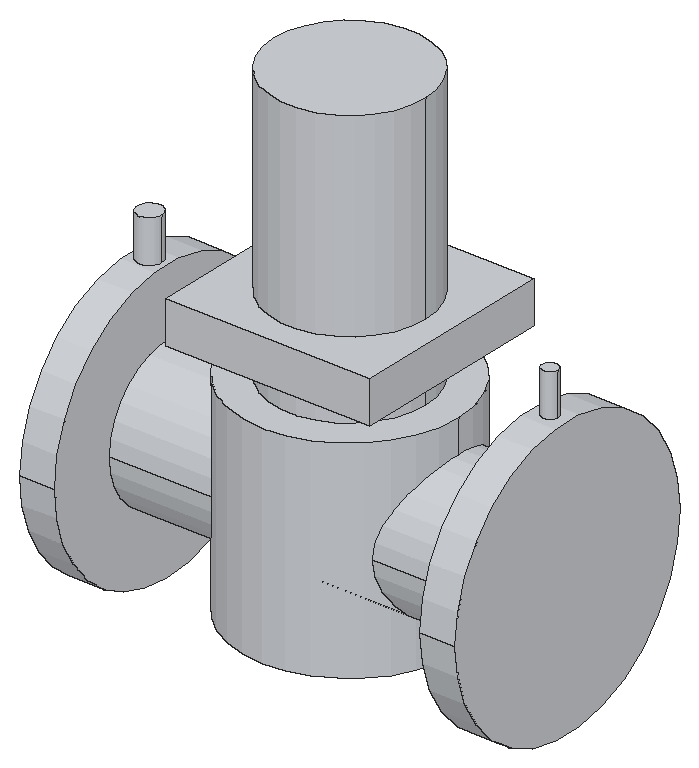
Revit family "PV_Compact_PN25_DN080_(50-200kPa)_RFA_2019", category Pipe Accessories, Revit 2019
Family settings
  Round Connector Dimension = Use Diameter
  Part Type = Valve - Breaks Into
  Work Plane-Based = No
  Always vertical = Yes
  Cut with Voids When Loaded = No
  Shared = No
Parameters (values of type "PV Compact PN25 DN080 (50-200kPa)")
  magiProductId = "aa373f4712fe4f789034ae13a1f456"
  magiProductFamilyId = "1af2f5f7761a4c5f850eea414834fa"
  magiPartTypeId = 304
  isMeasuringValve [instance] = no
  ang2D [instance] = 0.00°
  W2D = 50 mm
  VersionID = "2.0/2018.12.13.2/FRESE_PV_COMPACT_BIG_Q13_001"
  Use Minimum Symbol Size [instance] = no
  URL = "www.hydronic.cz"
  Type Comments = "PŘÍRUBOVÝ; PN25; dpmax=1000kPa; -10~+120°C"
  R4 = 54.25 mm
  R3 = 52 mm
  R1 = 77.5 mm
  QmdConnectorList = "301;D;302;D"
  Productdata [instance] = ""
  Manufacturer = "Hydronic Systems Prague s.r.o."
  Maintenance Zone Under Depth [instance] = 100 mm
  Maintenance Zone Right Depth [instance] = 100 mm
  Maintenance Zone Over Depth [instance] = 100 mm
  Maintenance Zone Left Depth [instance] = 100 mm
  Maintenance Zone Front Depth [instance] = 100 mm
  Maintenance Zone Back Depth [instance] = 100 mm
  Maintenance Zone Front Visibility [instance] = no
  MC Use Limits From Balancing Method = no
  MC Throttling Minimum Value = 0
  MC Throttling Maximum Value = 0
  MC Product Code = "53-3327 DN080 PN25; nastavitelný rozsah dp=20~100kPa; Q=11,7~47,4 m3/h;  kvs=67"
  MC Pressure Drop Minimum Value = 0.0 Pa
  MC Pressure Drop Maximum Value = 0.0 Pa
  MC Piping Given Pressure Drop [instance] = 0.0 Pa
  LF__ve = -LF  # -24.8 mm
  LF2 = 12.4 mm
  LF = 24.8 mm
  L4 = 145.7 mm
  L3 = 260.4 mm
  L2D_Min = 30.48 mm
  L2D = 230 mm
  L2 = 155 mm
  H6 = 141 mm
  H4 = 30 mm
  H3 = 25 mm
  H2 = 75 mm
  H1 = 150 mm
  Description = "Nastavitelný regulátor tlakové diference"
  DF2 = 100 mm
  D = 80 mm
  Clearance Zone Height Depth [instance] = 100 mm
  Clearance Zone Circular Radius [instance] = 155 mm
  Clearance Zone Visibility [instance] = no
  CAT0 = yes
Types (4, lengths in mm): name | magiProductId | R4 | R3 | R1 | MC Product Code | LF__ve | LF2 | LF | L4 | L3 | L2 | H6 | H4 | H3 | H2 | H1 | DF2 | D | Clearance Zone Circular Radius
  PV Compact PN25 DN050 (50-200kPa) | "08a421d9482846e584fc1251b4b528" | 40.25 | 42.9 | 57.5 | "53-3321 DN050 PN25; nastavitelný rozsah dp=20~100kPa; Q=5,1~20,5 m3/h;  kvs=29" | -18.4 | 9.2 | 18.4 | 108.1 | 193.2 | 115 | 82.25 | 24.75 | 20.625 | 61.875 | 123.75 | 82.5 | 50 | 115
  PV Compact PN25 DN065 (50-200kPa) | "3326a2f4bd724a059fd12b24a48407" | 50.75 | 48.1 | 72.5 | "53-3324 DN065 PN25; nastavitelný rozsah dp=20~100kPa; Q=7,4~29,7 m3/h;  kvs=42" | -23.2 | 11.6 | 23.2 | 136.3 | 243.6 | 145 | 105.25 | 27.75 | 23.125 | 69.375 | 138.75 | 92.5 | 65 | 145
  PV Compact PN25 DN080 (50-200kPa) | "aa373f4712fe4f789034ae13a1f456" | 54.25 | 52 | 77.5 | "53-3327 DN080 PN25; nastavitelný rozsah dp=20~100kPa; Q=11,7~47,4 m3/h;  kvs=67" | -24.8 | 12.4 | 24.8 | 145.7 | 260.4 | 155 | 141 | 30 | 25 | 75 | 150 | 100 | 80 | 155
  PV Compact PN25 DN100 (50-200kPa) | "7d735ad2cc7a4544b6e207f0b5dfca" | 61.25 | 61.1 | 87.5 | "53-3330 DN100 PN25; nastavitelný rozsah dp=20~100kPa; Q=20,3~81,3 m3/h;  kvs=115" | -28 | 14 | 28 | 164.5 | 294 | 175 | 234.75 | 35.25 | 29.375 | 88.125 | 176.25 | 117.5 | 100 | 175
Reference planes
  plane 1 "Center (Front/Back)": y = 0
  plane 2 "XYPLANE": z = 0
  plane 3 "Center (Left/Right)": x = 0
  plane 4 "257": y = -100
  plane 5 "256": y = 100
  plane 6 "255": z = -100
  plane 7 "254": y = -200
  plane 8 "253": y = 200
  plane 9 "252": x = -255
  plane 10 "251": x = 255
  plane 11 "250": z = 371
  plane 12 "249": z = -200
  plane 13 "248": z = 371
  plane 14 "247": z = 271
  plane 15 "157": x = 142.6
  plane 16 "156": x = -142.6
  plane 17 "155": z = 100
  plane 18 "154": z = 130
  plane 19 "153": z = 100
  plane 20 "152": z = 75
  plane 21 "151": x = -130.2
  plane 22 "150": z = -75
  plane 23 "149": x = 0
  plane 24 "148": y = 0
  plane 25 "147": z = 0
  plane 26 "146": x = -155
  plane 27 "145": x = 155
Forms (mm)
  Blend 1, solid, visible <- "Maintenance Zone Front Visibility"
    base sketch origin (-750, 0, -200) x (1, 0, 0) y (0, 1, 0)
      loop
        line (495, 200) -> (495, -200) -> (1005, -200) -> (1005, 200) -> (495, 200)
    top sketch origin (-750, 0, -200) x (1, 0, 0) y (0, 1, 0)
      loop
        line (495, 200) -> (495, -200) -> (1005, -200) -> (1005, 200) -> (495, 200)
    from 0 to 571
  Blend 2, solid, visible <- "Clearance Zone Visibility"
    base sketch origin (-750, 0, 0) x (1, 0, 0) y (0, 1, 0)
      loop
        circle (750, 0) r 155
    top sketch origin (-750, 0, 0) x (1, 0, 0) y (0, 1, 0)
      loop
        circle (750, 0) r 155
    from 0 to 371
  Extrusion 3, solid, visible <- "CAT0"
    sketch origin (-750, 0, 100) x (1, 0, 0) y (0, 1, 0)
      loop
        circle (892.6, 0) r 5.5
    from 0 to 30
  Extrusion 4, solid, visible <- "CAT0"
    sketch origin (-750, 0, 100) x (1, 0, 0) y (0, 1, 0)
      loop
        circle (607.4, 0) r 8.7
    from 0 to 30
  Extrusion 5, solid
    sketch origin (-750, 0, 130) x (1, 0, 0) y (0, 1, 0)
      loop
        circle (750, 0) r 54.25
    from 0 to 141 <- "H6"
  Extrusion 6, solid, visible <- "CAT0"
    sketch origin (-750, 0, 100) x (1, 0, 0) y (0, 1, 0)
      loop
        line (822.85, 72.85) -> (677.15, 72.85) -> (677.15, -72.85) -> (822.85, -72.85) -> (822.85, 72.85)
    from 0 to 30 <- "H4"
  Extrusion 7, solid, visible <- "CAT0"
    sketch origin (-750, 0, 75) x (1, 0, 0) y (0, 1, 0)
      loop
        circle (750, 0) r 54.25
    from 0 to 25 <- "H3"
  Extrusion 8, solid, visible <- "CAT0"
    sketch origin (-130.2, -750, 0) x (0, 1, 0) y (0, 0, 1)
      loop
        circle (750, 0) r 52
    from 0 to 260.4 <- "L3"
  Extrusion 9, solid, visible <- "CAT0"
    sketch origin (-750, 0, -75) x (1, 0, 0) y (0, 1, 0)
      loop
        circle (750, 0) r 77.5
    from 0 to 150 <- "H1"
  Extrusion 10, solid, visible <- "CAT0"
    sketch origin (-155, -750, 0) x (0, 1, 0) y (0, 0, 1)
      loop
        circle (750, 0) r 100
    from 0 to 24.8 <- "LF"
  Extrusion 11, solid, visible <- "CAT0"
    sketch origin (155, -750, 0) x (0, 1, 0) y (0, 0, 1)
      loop
        circle (750, 0) r 100
    from 0 to -24.8 <- "LF__ve"
  Extrusion 12, solid, not visible
    sketch origin (-155, -750, 0) x (0, 1, 0) y (0, 0, 1)
      loop
        circle (750, 0) r 10
    from 0 to 10
  Extrusion 13, solid, not visible
    sketch origin (155, -750, 0) x (0, 1, 0) y (0, 0, 1)
      loop
        circle (750, 0) r 10
    from 0 to -10
Lines and regions (mm)
  reference lines, not visible
    curve 1: circle (2, 2, 0) r 1 normal (0, 0, 1)
  reference lines
    curve 2: circle (0, 0, 100) r 1 normal (0, 0, 1)
Dimensions and locks
  plane 1 "Center (Front/Back)" to curve 1 = 2 mm
  "DF2": plane 24 "148" to plane 4 "257"
  "DF2": plane 24 "148" to plane 5 "256"
  "DF2": plane 25 "147" to plane 6 "255"
  "Maintenance Zone Front Depth": plane 4 "257" to plane 7 "254"
  "Maintenance Zone Back Depth": plane 5 "256" to plane 8 "253"
  "Maintenance Zone Left Depth": plane 26 "146" to plane 9 "252"
  "Maintenance Zone Right Depth": plane 27 "145" to plane 10 "251"
  "Maintenance Zone Over Depth": plane 14 "247" to plane 11 "250"
  "Maintenance Zone Under Depth": plane 6 "255" to plane 12 "249"
  "Clearance Zone Height Depth": plane 14 "247" to plane 13 "248"
  "H6": plane 18 "154" to plane 14 "247"
  "LF2": plane 27 "145" to plane 15 "157"
  "LF2": plane 26 "146" to plane 16 "156"
  "DF2": plane 2 "XYPLANE" to plane 17 "155"
  "H4": plane 19 "153" to plane 18 "154"
  "H3": plane 20 "152" to plane 19 "153"
  "H1": plane 22 "150" to plane 20 "152"
  "LF": plane 26 "146" to plane 21 "151"
  "H2": plane 2 "XYPLANE" to plane 22 "150"
  locked: plane 3 "Center (Left/Right)" to plane 23 "149"
  locked: plane 1 "Center (Front/Back)" to plane 24 "148"
  locked: plane 2 "XYPLANE" to plane 25 "147"
  "L2": plane 3 "Center (Left/Right)" to plane 26 "146"
  "L2": plane 3 "Center (Left/Right)" to plane 27 "145"
  Blend 1 sketch curve to Blend 1 sketch curve = 0 mm  (x16)
  equal spacing: Extrusion 6 sketch curve, curve 2, Extrusion 6 sketch curve  (x2)
  "L4": Extrusion 6 sketch curve to Extrusion 6 sketch curve  (x2)
  Extrusion 6 sketch curve to Extrusion 6 sketch curve = 0 mm  (x8)
  "Clearance Zone Circular Radius": radius of Blend 2 sketch curve  (x2)
  "R4": radius of Extrusion 5 sketch curve
  "R4": radius of Extrusion 7 sketch curve
  "R3": radius of Extrusion 8 sketch curve
  "R1": radius of Extrusion 9 sketch curve
  "DF2": radius of Extrusion 10 sketch curve
  "DF2": radius of Extrusion 11 sketch curve
  aligned and locked: level to plane 2 "XYPLANE"
  aligned and locked: Blend 1 sketch curve to plane 8 "253"  (x2)
  aligned and locked: plane 9 "252" to Blend 1 sketch curve  (x4)
  aligned and locked: plane 10 "251" to Blend 1 sketch curve  (x4)
  aligned and locked: plane 8 "253" to Blend 1 sketch curve  (x2)
  aligned and locked: plane 7 "254" to Blend 1 sketch curve  (x4)
  aligned and locked: plane 11 "250" to Blend 1
  aligned and locked: plane 23 "149" to Blend 2 sketch curve  (x2)
  aligned and locked: plane 24 "148" to Blend 2 sketch curve  (x2)
  aligned and locked: plane 13 "248" to Blend 2
  aligned and locked: plane 15 "157" to Extrusion 3 sketch curve
  aligned and locked: plane 24 "148" to Extrusion 3 sketch curve
  aligned and locked: plane 16 "156" to Extrusion 4 sketch curve
  aligned and locked: plane 24 "148" to Extrusion 4 sketch curve
  aligned and locked: plane 23 "149" to Extrusion 5 sketch curve
  aligned and locked: plane 24 "148" to Extrusion 5 sketch curve
  aligned and locked: plane 23 "149" to curve 2
  aligned and locked: plane 24 "148" to curve 2
  aligned and locked: plane 23 "149" to Extrusion 7 sketch curve
  aligned and locked: plane 24 "148" to Extrusion 7 sketch curve
  aligned and locked: Extrusion 8 sketch curve to plane 24 "148"
  aligned and locked: plane 25 "147" to Extrusion 8 sketch curve
  aligned and locked: plane 23 "149" to Extrusion 9 sketch curve
  aligned and locked: plane 24 "148" to Extrusion 9 sketch curve
  aligned and locked: Extrusion 10 sketch curve to plane 24 "148"
  aligned and locked: plane 25 "147" to Extrusion 10 sketch curve
  aligned and locked: Extrusion 11 sketch curve to plane 24 "148"
  aligned and locked: plane 25 "147" to Extrusion 11 sketch curve
  aligned and locked: Extrusion 12 sketch curve to plane 24 "148"
  aligned and locked: plane 25 "147" to Extrusion 12 sketch curve
  aligned and locked: Extrusion 13 sketch curve to plane 24 "148"
  aligned and locked: plane 25 "147" to Extrusion 13 sketch curve
Automatic sketch dimensions
  Extrusion 3 sketch curve to plane 15 "157" = 5.5 mm
  plane 26 "146" to Extrusion 4 sketch curve = 3.7 mm
  plane 1 "Center (Front/Back)" to Extrusion 12 sketch curve = 10 mm
  plane 1 "Center (Front/Back)" to Extrusion 13 sketch curve = 10 mm
  plane 3 "Center (Left/Right)" to curve 1 = 2 mm
  Extrusion 6 sketch curve to plane 5 "256" = 27.15 mm
  plane 21 "151" to Extrusion 6 sketch curve = 57.35 mm
  radius of curve 2 = 1 mm
  radius of curve 1 = 1 mm
Connectors
  piping at (-155, 0, 0), diameter 80, driven by "D"
    settings: on Extrusion 12, index 1, connector inside diameter 609.6 mm, connector length 0 mm, flow factor 0, pipe flow 0.0 L/s, pressure drop 0.0 Pa, fitting loss kfactor 0, connector angle 0.00°, fixture units 0, engagement length 0 mm, angle of deflection 0.00°, flow configuration 0, flow direction 0, fitting loss method 0, system type 29, joint type 0, gender type 0, connector reference index 2, connector utility 0, adjustable connector no, is connector primary yes, connector description ""
  piping at (155, 0, 0), diameter 80, driven by "D"
    settings: on Extrusion 13, index 2, connector inside diameter 609.6 mm, connector length 0 mm, flow factor 0, pipe flow 0.0 L/s, pressure drop 0.0 Pa, fitting loss kfactor 0, connector angle 0.00°, fixture units 0, engagement length 0 mm, angle of deflection 0.00°, flow configuration 0, flow direction 0, fitting loss method 0, system type 29, joint type 0, gender type 0, connector reference index 1, connector utility 0, adjustable connector no, is connector primary no, connector description ""
